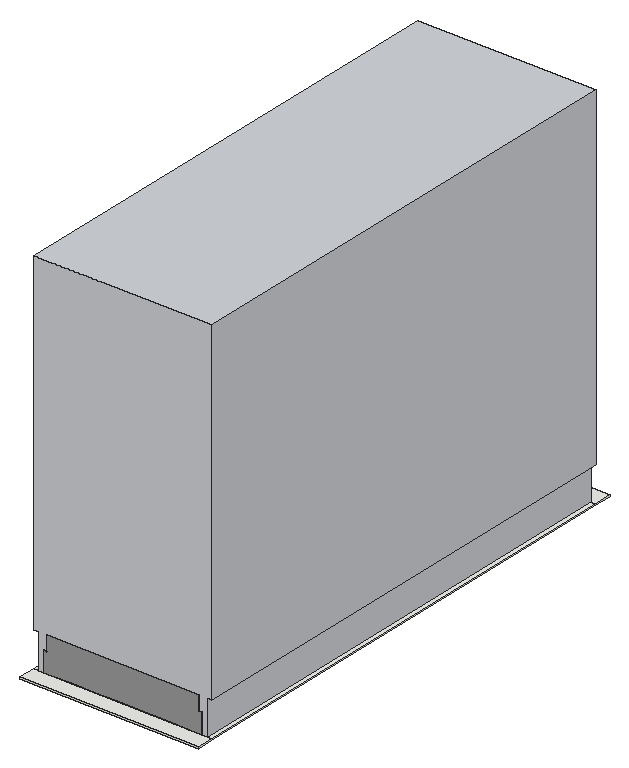
Revit family "MADEL_DIFFUSER_SECTORED LINEAR SLOT_LSD+PLSD (1.D1)_0", category Air Terminals, Revit 2015
Parameters (values of type "LSD-200-PLSD-(4 Slots)-500")
  n_factor = 32.531  # constant formula
  m_factor = 1.9804
  c_factor = -4.9125  # constant formula
  b_factor = 0.38451
  Vmin = 2.5 m/s  # constant formula
  Vmed = (Vmax + Vmin) / 2  # 3.25 m/s
  Vmax = if(or(Nº Slots = 1, Nº Slots = 2), 4.5 m/s, if(Nº Slots = 3, 4.0 m/s, if(Nº Slots = 4, 4.0 m/s, 0.0 m/s)))  # 4.0 m/s
  V[m/s] [instance] = Q / Afree / 1.0 m/s  # 3.25
  V6 [instance] = if(AR, 1 = 1, if(ARI, 1 = 1, 1 = 0))  # yes
  V5 [instance] = if(AR, 1 = 1, if(ARD, 1 = 1, 1 = 0))  # yes
  V4 = if(Nº Slots = 1, 1 = 1, 1 = 0)  # no
  V3 = if(Nº Slots = 2, 1 = 1, if(Nº Slots = 3, 1 = 1, if(Nº Slots = 4, 1 = 1, 1 = 0)))  # yes
  V2 = if(Nº Slots = 2, 1 = 0, if(Nº Slots = 3, 1 = 1, if(Nº Slots = 4, 1 = 1, 1 = 0)))  # yes
  V1 = if(Nº Slots = 2, 1 = 1, 1 = 0)  # no
  URL = "http://www.madel.com/en/producto/lsd-sectored-linear-slot-diffusers/"
  Standard = "UNE 23-727 M2/ NFP 92-501 M2/ DIN 4102 M2"  # constant formula
  Revit Version = "Revit 2015 - English"  # constant formula
  Review Date = "11/2016"  # constant formula
  RAL [instance] = " "
  R9010 [instance] = no
  R [instance] = yes
  Q_Connector [instance] = Q / 1  # 100.62 m³/h
  Q [instance] = 100.62 m³/h
  Product Type [instance] = Model  # "LSD-200-PLSD-(4 Slots)-500"
  Product Size = "4x500"
  Product Reference [instance] = if(R, if(AIS, if(Nº Options = 4, if([(D)], if(AR, "LSD-200-AR+PLSD-AIS-R (D)", if(ARD, "LSD-200-ARD+PLSD-AIS-R (D)", if(INT, "LSD-200-INT+PLSD-AIS-R (D)", if(ARI, "LSD-200-ARI+PLSD-AIS-R (D)", "Consult Manufacturer")))), if([(PL)], if(AR, "LSD-200-AR+PLSD-AIS-R (PML)", if(ARD, "LSD-200-ARD+PLSD-AIS-R (PML)", if(INT, "LSD-200-INT+PLSD-AIS-R (PML)", if(ARI, "LSD-200-ARI+PLSD-AIS-R (PML)", "Consult Manufacturer")))), "Consult Manufacturer")), if(Nº Options = 3, if(AR, "LSD-200-AR+PLSD-AIS-R", if(ARD, "LSD-200-ARD+PLSD-AIS-R", if(INT, "LSD-200-INT+PLSD-AIS-R", if(ARI, "LSD-200-ARI+PLSD-AIS-R", "Consult Manufacturer")))), if(Nº Options = 2, "LSD-200+PLSD-AIS-R", "Consult Manufacturer"))), if(Nº Options = 3, if([(D)], if(AR, "LSD-200-AR+PLSD-R (D)", if(ARD, "LSD-200-ARD+PLSD-R (D)", if(INT, "LSD-200-INT+PLSD-R (D)", if(ARI, "LSD-200-ARI+PLSD-R (D)", "Consult Manufacturer")))), if([(PL)], if(AR, "LSD-200-AR+PLSD-R (PML)", if(ARD, "LSD-200-ARD+PLSD-R (PML)", if(INT, "LSD-200-INT+PLSD-R (PML)", if(ARI, "LSD-200-ARI+PLSD-R (PML)", "Consult Manufacturer")))), "Consult Manufacturer")), if(Nº Options = 2, if(AR, "LSD-200-AR+PLSD-R", if(ARD, "LSD-200-ARD+PLSD-R", if(INT, "LSD-200-INT+PLSD-R", if(ARI, "LSD-200-ARI+PLSD-R", "Consult Manufacturer")))), if(Nº Options = 1, "LSD-200+PLSD-R", "Consult Manufacturer")))), if(AIS, if(Nº Options = 3, if([(D)], if(AR, "LSD-200-AR+PLSD-AIS (D)", if(ARD, "LSD-200-ARD+PLSD-AIS (D)", if(INT, "LSD-200-INT+PLSD-AIS (D)", if(ARI, "LSD-200-ARI+PLSD-AIS (D)", "Consult Manufacturer")))), if([(PL)], if(AR, "LSD-200-AR+PLSD-AIS (PML)", if(ARD, "LSD-200-ARD+PLSD-AIS (PML)", if(INT, "LSD-200-INT+PLSD-AIS (PML)", if(ARI, "LSD-200-ARI+PLSD-AIS (PML)", "Consult Manufacturer")))), "Consult Manufacturer")), if(Nº Options = 2, if(AR, "LSD-200-AR+PLSD-AIS", if(ARD, "LSD-200-ARD+PLSD-AIS", if(INT, "LSD-200-INT+PLSD-AIS", if(ARI, "LSD-200-ARI+PLSD-AIS", "Consult Manufacturer")))), if(Nº Options = 1, "LSD-200+PLSD-AIS", "Consult Manufacturer"))), if(Nº Options = 2, if([(D)], if(AR, "LSD-200-AR+PLSD (D)", if(ARD, "LSD-200-ARD+PLSD (D)", if(INT, "LSD-200-INT+PLSD (D)", if(ARI, "LSD-200-ARI+PLSD (D)", "Consult Manufacturer")))), if([(PL)], if(AR, "LSD-200-AR+PLSD (PML)", if(ARD, "LSD-200-ARD+PLSD (PML)", if(INT, "LSD-200-INT+PLSD (PML)", if(ARI, "LSD-200-ARI+PLSD (PML)", "Consult Manufacturer")))), "Consult Manufacturer")), if(Nº Options = 1, if(AR, "LSD-200-AR+PLSD", if(ARD, "LSD-200-ARD+PLSD", if(INT, "LSD-200-INT+PLSD", if(ARI, "LSD-200-ARI+PLSD", "Consult Manufacturer")))), if(Nº Options = 0, "LSD-200+PLSD", "Consult Manufacturer")))))  # "LSD-200-AR+PLSD-AIS-R"
  Plenum Connection Type = "Lateral"  # constant formula
  PLSD [instance] = 1 = 1  # yes
  Nº Slots = if(A = 55.0 mm, 1, if(A = 95.0 mm, 2, if(A = 134.0 mm, 3, if(A = 173.0 mm, 4, 0))))  # 4
  Nº Plenum Connections = 1  # constant formula
  Nº Options [instance] = if(AIS, 1, 0) + if(R, 1, 0) + if(AR, 1, 0) + if(ARD, 1, 0) + if(INT, 1, 0) + if(ARI, 1, 0) + if([(D)], 1, 0) + if([(PL)], 1, 0)  # 3
  Nº Finishes [instance] = if(AA, 1, 0) + if(R9010, 1, 0) + if(M9016, 1, 0) + if(AB, 1, 0)  # 1
  N_Slots = if(A = 95.0 mm, 2, if(A = 134.0 mm, 3, if(A = 173.0 mm, 4, 2)))  # 4
  N_Graphic lines = if(Nº Slots = 1, 2, if(Nº Slots = 2, 4, if(Nº Slots = 3, 6, if(Nº Slots = 4, 8, 2))))  # 8
  N_E = if(Nº Slots > 2, Nº Slots - 1, 2)  # 3
  Model = "LSD-200-PLSD-(4 Slots)-500"
  Material and finishes [instance] = if(and(AA, Nº Finishes = 1), "AA", if(and(R9010, Nº Finishes = 1), "R9010", if(and(M9016, Nº Finishes = 1), "M9016", if(and(R9010, AB, Nº Finishes = 2), "R9010/AB/", if(and(AA, AB, Nº Finishes = 2), "AA/AB/", if(and(AB, M9016, Nº Finishes = 2), "M9016/AB/", if(Nº Finishes = 0, "Custom RAL", "Consult Manufacturer")))))))  # "M9016"
  Material Plenum Box = none
  Material Difusser = MADEL_M9016
  Material Blades = MADEL_PVC Negro Aletas
  M9016 [instance] = yes
  Lw (dB(A)) [instance] = n_factor * (log([V[m/s]]) / log(2.7183)) + c_factor  # 33.4303
  L2 = L / 2 * -1  # -250.0 mm
  L1 = L / 2  # 250.0 mm
  L = 500.0 mm
  Type Image = <None>
  IfcExportType = "IfcAirTerminalType"  # constant formula
  IfcExportAs = "IfcAirTerminalType"  # constant formula
  INT [instance] = no
  G_material = 1.2 mm
  G1 = 20.9 mm
  G = 36.0 mm
  Min Flow = Vmin * Afree  # 77.4 m³/h
  Max Flow = Vmax * Afree  # 123.84 m³/h
  Manufacturer = "MADEL"  # constant formula
  Family Version = "1.0"  # constant formula
  E = 185.9 mm
  Description = "MADEL_Sectored linear slot diffusers"  # constant formula
  D_Connector = 200.0 mm
  DPt [instance] = (10 ^ (log([V[m/s]]) * m_factor + b_factor)) * 1.0 Pa  # 25.0185 Pa
  D1 = D_Connector - 2.0 mm  # 198.0 mm
  Type Comments = "The LSD series linear diffusers are designed to combine the aesthetics with the technical performance. They can be mounted in false ceilings or suspended from the ceiling. They allow the formation of diffuser continuous lines, with active and inactive areas, without breaking the uniformity of the whole. They are suitable both for supply and return. By adjusting their blades, sectored each 100mm, it is possible to obtain a horizontal distribution of the air in one or the other direction or its vertical projection without change the volume of air. The LSD diffusers admit a flow variation of 60% keeping the air stream stable. These diffusers can be used from 2,6 up to 4 metres high and at a temperature differential up to 12ºC."  # constant formula
  Created by = "BIMETRICAL"  # constant formula
  C = 158.7 mm
  BIMETRICAL Category = "AirTerminal"  # constant formula
  BIMETRICAL = "http://www.bimetrical.com"  # constant formula
  B = 164.9 mm
  Afree_factor = 0.0172 m²
  Afree = Afree_factor * L / 1000.0 mm  # 0.0086 m²
  ARI [instance] = no
  ARD [instance] = no
  AR [instance] = if(or(ARD, INT, ARI), 1 = 0, 1 = 1)  # yes
  AIS [instance] = yes
  AB [instance] = no
  AA [instance] = no
  A = 173.0 mm
  (PL) [instance] = no
  (D) [instance] = no
Types (9, lengths in mm): name | m_factor | b_factor | Vmed | Vmax | V[m/s] | V4 | V3 | V2 | V1 | Q_Connector | Q | Product Type | Product Size | Nº Slots | N_Slots | N_Graphic lines | N_E | Model | Lw (dB(A)) | L2 | L1 | L | Min Flow | Max Flow | E | D_Connector | DPt | D1 | C | B | Afree_factor | Afree | A
  LSD-200-PLSD-(2 Slots)-500 | 1.9813 | 0.20586 | 3.5 m/s | 4.5 m/s | 3.5 | no | yes | no | yes | 109.62 m³/h | 109.62 m³/h | "LSD-200-PLSD-(2 Slots)-500" | "2x500" | 2 | 2 | 4 | 2 | "LSD-200-PLSD-(2 Slots)-500" | 35.8411 | -250.0 | 250.0 | 500.0 | 78.3 m³/h | 140.94 m³/h | 107.3 | 160.0 | 19.2242 Pa | 158.0 | 79.9 | 86.1 | 0.0174 m² | 0.0087 m² | 95.0
  LSD-200-PLSD-(3 Slots)-500 | 1.9783 | 0.28315 | 3.25 m/s | 4.0 m/s | 3.25 | no | yes | yes | no | 152.685 m³/h | 152.685 m³/h | "LSD-200-PLSD-(3 Slots)-500" | "3x500" | 3 | 3 | 6 | 2 | "LSD-200-PLSD-(3 Slots)-500" | 33.4303 | -250.0 | 250.0 | 500.0 | 117.45 m³/h | 187.92 m³/h | 146.6 | 200.0 | 19.7617 Pa | 198.0 | 119.3 | 125.5 | 0.0261 m² | 0.01305 m² | 134.0
  LSD-200-PLSD-(4 Slots)-500 | 1.9804 | 0.38451 | 3.25 m/s | 4.0 m/s | 3.25 | no | yes | yes | no | 100.62 m³/h | 100.62 m³/h | "LSD-200-PLSD-(4 Slots)-500" | "4x500" | 4 | 4 | 8 | 3 | "LSD-200-PLSD-(4 Slots)-500" | 33.4303 | -250.0 | 250.0 | 500.0 | 77.4 m³/h | 123.84 m³/h | 185.9 | 200.0 | 25.0185 Pa | 198.0 | 158.7 | 164.9 | 0.0172 m² | 0.0086 m² | 173.0
  LSD-200-PLSD-(2 Slots)-1000 | 1.9813 | 0.20586 | 3.5 m/s | 4.5 m/s | 3.5 | no | yes | no | yes | 219.24 m³/h | 219.24 m³/h | "LSD-200-PLSD-(2 Slots)-1000" | "2x1000" | 2 | 2 | 4 | 2 | "LSD-200-PLSD-(2 Slots)-1000" | 35.8411 | -500.0 | 500.0 | 1000.0 | 156.6 m³/h | 281.88 m³/h | 107.3 | 160.0 | 19.2242 Pa | 158.0 | 79.9 | 86.1 | 0.0174 m² | 0.0174 m² | 95.0
  LSD-200-PLSD-(3 Slots)-1000 | 1.9783 | 0.28315 | 3.25 m/s | 4.0 m/s | 3.25 | no | yes | yes | no | 305.37 m³/h | 305.37 m³/h | "LSD-200-PLSD-(3 Slots)-1000" | "3x1000" | 3 | 3 | 6 | 2 | "LSD-200-PLSD-(3 Slots)-1000" | 33.4303 | -500.0 | 500.0 | 1000.0 | 234.9 m³/h | 375.84 m³/h | 146.6 | 200.0 | 19.7617 Pa | 198.0 | 119.3 | 125.5 | 0.0261 m² | 0.0261 m² | 134.0
  LSD-200-PLSD-(4 Slots)-1000 | 1.9804 | 0.38451 | 3.25 m/s | 4.0 m/s | 3.25 | no | yes | yes | no | 608.4 m³/h | 608.4 m³/h | "LSD-200-PLSD-(4 Slots)-1000" | "4x1000" | 4 | 4 | 8 | 3 | "LSD-200-PLSD-(4 Slots)-1000" | 33.4303 | -500.0 | 500.0 | 1000.0 | 468 m³/h | 748.8 m³/h | 185.9 | 200.0 | 25.0185 Pa | 198.0 | 158.7 | 164.9 | 0.0520 m² | 0.0520 m² | 173.0
  LSD-200-PLSD-(1 Slot)-500 | 1.9847 | 0.10613 | 3.5 m/s | 4.5 m/s | 3.5 | yes | no | no | no | 54.81 m³/h | 54.81 m³/h | "LSD-200-PLSD-(1 Slot)-500" | "1x500" | 1 | 2 | 2 | 2 | "LSD-200-PLSD-(1 Slot)-500" | 35.8411 | -250.0 | 250.0 | 500.0 | 39.15 m³/h | 70.47 m³/h | 68.0 | 160.0 | 15.3439 Pa | 158.0 | 40.5 | 46.7 | 0.0087 m² | 0.00435 m² | 55.0
  LSD-200-PLSD-(1 Slot)-1000 | 1.9847 | 0.10613 | 3.5 m/s | 4.5 m/s | 3.5 | yes | no | no | no | 109.62 m³/h | 109.62 m³/h | "LSD-200-PLSD-(1 Slot)-1000" | "1x1000" | 1 | 2 | 2 | 2 | "LSD-200-PLSD-(1 Slot)-1000" | 35.8411 | -500.0 | 500.0 | 1000.0 | 78.3 m³/h | 140.94 m³/h | 68.0 | 160.0 | 15.3439 Pa | 158.0 | 40.5 | 46.7 | 0.0087 m² | 0.0087 m² | 55.0
  LSD-200-PLSD-(1 Slot)-1500 | 1.9847 | 0.10613 | 3.5 m/s | 4.5 m/s | 3.5 | yes | no | no | no | 164.43 m³/h | 164.43 m³/h | "LSD-200-PLSD-(1 Slot)-1500" | "1x1500" | 1 | 2 | 2 | 2 | "LSD-200-PLSD-(1 Slot)-1500" | 35.8411 | -750.0 | 750.0 | 1500.0 | 117.45 m³/h | 211.41 m³/h | 68.0 | 160.0 | 15.3439 Pa | 158.0 | 40.5 | 46.7 | 0.0087 m² | 0.01305 m² | 55.0
Reference planes
  plane 1 "Centro (Frontal/Posterior)": z = -1.2
  plane 2: y = 245
  plane 3 "Centro (Izquierda/Derecha)": x = 0
  plane 4: z = 0
  plane 5: x = -68.95
  plane 6: x = -82.45
  plane 7: x = 82.45
  plane 8: z = 20.9
  plane 9: z = 36
  plane 10: y = -5
  plane 11: y = 495
  plane 12: x = -92.95
  plane 13: x = 92.95
  plane 14: x = -79.35
  plane 15: x = 79.35
  plane 16: x = -86.5
  plane 17: x = 86.5
  plane 18: x = -29.65
  plane 19: x = 68.95
  plane 20: x = -48.95
  plane 21: x = -9.65
Forms (mm)
  Extrusion 1, solid, material "MADEL_M9016" <- "Material Difusser"
    sketch origin (0, 995, 5) x (1, 0, 0) y (0, 0, 1)
      loop
        line (-92.95, -6.2) -> (-68.95, -6.2) -> (-68.95, -5) -> (68.95, -5) -> (68.95, -6.2) -> (92.95, -6.2) -> (92.95, -5) -> (82.45, -5) -> (82.45, 15.9) -> (79.35, 15.9) -> (79.35, 31) -> (-79.35, 31) -> (-79.35, 15.9) -> (-82.45, 15.9) -> (-82.45, -5) -> (-92.95, -5) -> (-92.95, -6.2)
    from 500 to 1000
  Extrusion 2, solid, material "MADEL_PVC Negro Aletas" <- "Material Blades", visible <- "V3"
    sketch origin (-19.65, 245, 4.9) x (1, 0, 0) y (0, 0, 1)
      loop
        line (-49.3, -4.9) -> (-49.3, -6.1) -> (-29.3, -6.1) -> (-29.3, -4.9) -> (-49.3, -4.9)
    from -250 <- "L2" to 250 <- "L1"
  Extrusion 3, solid, material "MADEL_PVC Negro Aletas" <- "Material Blades", visible <- "V3"
    sketch origin (19.65, 245, 4.9) x (1, 0, 0) y (0, 0, 1)
      loop
        line (-49.3, -4.9) -> (-49.3, -6.1) -> (-29.3, -6.1) -> (-29.3, -4.9) -> (-49.3, -4.9)
    from -250 <- "L2" to 250 <- "L1"
  Extrusion 4, solid, material "MADEL_M9016" <- "Material Difusser", visible <- "V1"
    sketch origin (0, 245, 5) x (1, 0, 0) y (0, 0, 1)
      loop
        line (-48.95, -5) -> (-48.95, -6.2) -> (-29.65, -6.2) -> (-29.65, -5) -> (-48.95, -5)
    from -250 <- "L2" to 250 <- "L1"
  Extrusion 5, solid, material "MADEL_M9016" <- "Material Difusser", visible <- "V2"
    sketch origin (-10.34, 245, -1.623) x (1, 0, 0) y (0, 0, 1)
      loop
        line (-38.61, 1.623) -> (-38.61, 0.423) -> (-19.31, 0.423) -> (-19.31, 1.623) -> (-38.61, 1.623)
    from -250 <- "L2" to 250 <- "L1"
  Extrusion 6, solid, material "MADEL_M9016" <- "Material Difusser", visible <- "V2"
    sketch origin (28.96, 245, -1.623) x (1, 0, 0) y (0, 0, 1)
      loop
        line (-38.61, 1.623) -> (-38.61, 0.423) -> (-19.31, 0.423) -> (-19.31, 1.623) -> (-38.61, 1.623)
    from -250 <- "L2" to 250 <- "L1"
  Extrusion 7, solid, not visible
    sketch origin (0, 0, -1.2) x (0, -1, 0) y (1, 0, 0)
      loop
        circle (-245, 0) r 2.821
    from 0.922 to 1.2
  Extrusion 8, solid, material "MADEL_PVC Negro Aletas" <- "Material Blades", visible <- "V4"
    sketch origin (0, 245, 5) x (1, 0, 0) y (0, 0, 1)
      loop
        line (-68.95, -6.2) -> (-48.95, -6.2) -> (-48.95, -5) -> (-68.95, -5) -> (-68.95, -6.2)
    from -250 to 250
  Extrusion 9, solid, material "MADEL_M9016" <- "Material Difusser", visible <- "V5"
    sketch origin (0, 0, 0) x (1, 0, 0) y (0, 1, 0)
      loop
        line (-92.95, -5) -> (-92.95, -23) -> (92.95, -23) -> (92.95, -5) -> (-92.95, -5)
    from -1.2 to 0
  Extrusion 10, solid, material "MADEL_M9016" <- "Material Difusser", visible <- "V6"
    sketch origin (0, 1045, 0) x (1, 0, 0) y (0, 1, 0)
      loop
        line (-92.95, -532) -> (-92.95, -550) -> (92.95, -550) -> (92.95, -532) -> (-92.95, -532)
    from -1.2 to 0
  Extrusion 11, solid, material "MADEL_PVC Negro Aletas" <- "Material Blades", visible <- "V3"
    sketch origin (58.95, 245, 4.9) x (1, 0, 0) y (0, 0, 1)
      loop
        line (-49.3, -4.9) -> (-49.3, -6.1) -> (-29.3, -6.1) -> (-29.3, -4.9) -> (-49.3, -4.9)
    from -250 <- "L2" to 250 <- "L1"
  Extrusion 12, solid, material "MADEL_PVC Negro Aletas" <- "Material Blades", visible <- "V3"
    sketch origin (98.25, 245, 4.9) x (1, 0, 0) y (0, 0, 1)
      loop
        line (-49.3, -4.9) -> (-49.3, -6.1) -> (-29.3, -6.1) -> (-29.3, -4.9) -> (-49.3, -4.9)
    from -250 <- "L2" to 250 <- "L1"
  Extrusion 13, solid, material "MADEL_M9016" <- "Material Difusser", visible <- "V2"
    sketch origin (68.26, 245, -1.623) x (1, 0, 0) y (0, 0, 1)
      loop
        line (-38.61, 1.623) -> (-38.61, 0.423) -> (-19.31, 0.423) -> (-19.31, 1.623) -> (-38.61, 1.623)
    from -250 <- "L2" to 250 <- "L1"
Lines and regions (mm)
  symbolic lines, visible <- "V6"
    curve 1: line (-92.95, 495, -1.2) -> (-92.95, 513, -1.2)
    curve 3: line (92.95, 513, -1.2) -> (92.95, 495, -1.2)
    curve 10: line (92.95, 513, 0) -> (-92.95, 513, 0)
  symbolic lines
    curve 2: line (92.95, 495, -1.2) -> (-92.95, 495, -1.2)
    curve 4: line (-92.95, -5, -1.2) -> (92.95, -5, -1.2)
    curve 8: line (-92.95, -5, -1.2) -> (-92.95, 495, -1.2)
    curve 9: line (92.95, 495, -1.2) -> (92.95, -5, -1.2)
  symbolic lines, visible <- "V5"
    curve 5: line (-92.95, -23, -1.2) -> (-92.95, -5, -1.2)
    curve 6: line (92.95, -23, -1.2) -> (-92.95, -23, -1.2)
    curve 7: line (92.95, -5, -1.2) -> (92.95, -23, -1.2)
Dimensions and locks
  "G": plane 9 to level
  "G1": plane 8 to plane 4
  equal spacing: plane 10, plane 2, plane 11
  equal spacing: plane 7, plane 3 "Centro (Izquierda/Derecha)", plane 6
  equal spacing: plane 13, plane 3 "Centro (Izquierda/Derecha)", plane 12
  "B": plane 7 to plane 6
  "E": plane 13 to plane 12
  equal spacing: plane 15, plane 3 "Centro (Izquierda/Derecha)", plane 14
  equal spacing: plane 17, plane 3 "Centro (Izquierda/Derecha)", plane 16
  "A": plane 17 to plane 16
  locked: plane 5 to plane 12 at 24
  locked: plane 18 to plane 5 at 39.3
  "L": plane 10 to plane 11
  equal spacing: group 1, group 2, group 10, group 13  (x3)
  locked: plane 19 to plane 13 at 24
  locked: plane 20 to plane 5 at 20
  locked: Extrusion 5 sketch curve to Extrusion 5 sketch curve at 19.3
  locked: Extrusion 5 sketch curve to Extrusion 5 sketch curve at 1.2
  locked: plane 21 to plane 20 at 39.3
  locked: Extrusion 6 sketch curve to Extrusion 6 sketch curve at 19.3
  locked: Extrusion 6 sketch curve to Extrusion 6 sketch curve at 1.2
  equal spacing: group 3, group 4, group 14  (x3)
  "C": plane 15 to plane 14
  locked: Extrusion 9 sketch curve to Extrusion 9 sketch curve at 18
  locked: Extrusion 10 sketch curve to Extrusion 10 sketch curve at 18
  locked: plane 12 to nested 1 at 24
  equal spacing: group 6, group 8, group 9, group 11, group 12, group 15, group 16, group 7  (x3)
  locked: nested 3 to plane 13 at 24
  locked: Extrusion 13 sketch curve to Extrusion 13 sketch curve at 19.3
  locked: Extrusion 13 sketch curve to Extrusion 13 sketch curve at 1.2
  aligned and locked: Extrusion 1 to plane 10
  aligned and locked: plane 11 to Extrusion 1
  aligned and locked: plane 4 to Extrusion 1
  aligned and locked: Extrusion 1 to plane 14
  aligned and locked: plane 15 to Extrusion 1
  aligned and locked: Extrusion 1 to plane 13
  aligned and locked: Extrusion 1 to plane 12
  aligned and locked: Extrusion 2 to plane 5
  aligned and locked: Extrusion 3 to plane 18
  aligned and locked: Extrusion 4 sketch curve to plane 18
  aligned and locked: plane 20 to Extrusion 4 sketch curve
  aligned and locked: Extrusion 5 to plane 20
  aligned and locked: Extrusion 5 to Extrusion 4
  aligned and locked: Extrusion 4 to plane 20
  aligned and locked: Extrusion 6 to plane 21
  aligned and locked: plane 2 to Extrusion 7 sketch curve
  aligned and locked: plane 3 "Centro (Izquierda/Derecha)" to Extrusion 7 sketch curve
  aligned and locked: Extrusion 8 to plane 10
  aligned and locked: plane 11 to Extrusion 8
  aligned and locked: plane 20 to Extrusion 8 sketch curve
  aligned and locked: plane 4 to Extrusion 8 sketch curve
  aligned and locked: Extrusion 8 sketch curve to plane 5
  aligned and locked: plane 1 "Centro (Frontal/Posterior)" to Extrusion 8 sketch curve
  aligned and locked: plane 13 to Extrusion 9 sketch curve
  aligned and locked: plane 12 to Extrusion 9 sketch curve
  aligned and locked: plane 10 to Extrusion 9
  aligned and locked: Extrusion 10 to plane 11
  aligned and locked: plane 11 to nested 1
  aligned and locked: plane 11 to nested 3
  aligned and locked: plane 3 "Centro (Izquierda/Derecha)" to nested 4
  aligned and locked: plane 2 to nested 4
Automatic sketch dimensions
  Extrusion 2 sketch curve to Extrusion 2 sketch curve = 20.0 mm
  Extrusion 2 sketch curve to Extrusion 2 sketch curve = 1.2 mm
  Extrusion 3 sketch curve to Extrusion 3 sketch curve = 20.0 mm
  Extrusion 3 sketch curve to Extrusion 3 sketch curve = 1.2 mm
  Extrusion 1 sketch curve to level = 0.0 mm  (x3)
  Extrusion 1 sketch curve to plane 12 = 0.0 mm
  Extrusion 1 sketch curve to plane 6 = 0.0 mm
  Extrusion 1 sketch curve to plane 9 = 0.0 mm
  Extrusion 1 sketch curve to plane 14 = 0.0 mm
  Extrusion 1 sketch curve to plane 1 "Centro (Frontal/Posterior)" = 0.0 mm  (x2)
  Extrusion 1 sketch curve to plane 5 = 0.0 mm
  plane 19 to Extrusion 1 sketch curve = 0.0 mm
  Extrusion 1 sketch curve to plane 8 = 0.0 mm  (x2)
  Extrusion 1 sketch curve to plane 15 = 0.0 mm
  Extrusion 1 sketch curve to plane 7 = 0.0 mm
  plane 13 to Extrusion 1 sketch curve = 0.0 mm
  Extrusion 4 sketch curve to plane 1 "Centro (Frontal/Posterior)" = 0.0 mm
  Extrusion 4 sketch curve to level = 0.0 mm
  Extrusion 9 sketch curve to plane 10 = 18.0 mm
  Extrusion 10 sketch curve to plane 12 = 0.0 mm
  Extrusion 10 sketch curve to plane 13 = 0.0 mm
  plane 11 to Extrusion 10 sketch curve = 0.0 mm
  curve 1 to plane 12 = 0.0 mm
  curve 2 to plane 11 = 0.0 mm
  curve 4 to curve 6 = 18.0 mm
  curve 5 to plane 10 = 0.0 mm
  curve 3 to plane 13 = 0.0 mm
  plane 11 to curve 3 = 18.0 mm
  plane 11 to curve 1 = 18.0 mm
  curve 10 to plane 12 = 0.0 mm
  curve 10 to plane 13 = 0.0 mm
  plane 11 to curve 10 = 18.0 mm
  Extrusion 11 sketch curve to Extrusion 11 sketch curve = 20.0 mm
  Extrusion 11 sketch curve to Extrusion 11 sketch curve = 1.2 mm
  Extrusion 12 sketch curve to Extrusion 12 sketch curve = 20.0 mm
  Extrusion 12 sketch curve to Extrusion 12 sketch curve = 1.2 mm
  radius of Extrusion 7 sketch curve = 2.821 mm
Nested families
  nested 1: "Grafismo Rejilla" at (-68.95, 245, 0) x (0, 1, 0) z (0, 0, 1), LL <- "L", type "Linea"
    with LL 500.0 mm
  nested 2: "Grafismo Rejilla" at (-203.732, -36.541, 0) x (0, 1, 0) z (0, 0, 1), type "Linea", not visible
    with LL 50000.0 mm
  nested 3: "Grafismo Rejilla" at (68.95, 245, 0) x (0, 1, 0) z (0, 0, 1), LL <- "L", type "Linea"
    with LL 500.0 mm
  nested 4: "Plenum_PLSD (1.D1)" at (0, 245, 0), type "Plenum_PLSD (1.D1)"
    with L1 92.95 mm, H2 110.0 mm, H 350.0 mm, E2 175.9 mm, E 185.9 mm, D_Conector 200.0 mm, B 500.0 mm
  nested 5: "Grafismo Rejilla" at (-49.25, 245, 0) x (0, 1, 0) z (0, 0, 1), LL <- "L", type "Linea"
    with LL 500.0 mm
  nested 6: "Grafismo Rejilla" at (-29.55, 245, 0) x (0, 1, 0) z (0, 0, 1), LL <- "L", type "Linea"
    with LL 500.0 mm
  nested 7: "Grafismo Rejilla" at (-9.85, 245, 0) x (0, 1, 0) z (0, 0, 1), LL <- "L", type "Linea"
    with LL 500.0 mm
  nested 8: "Grafismo Rejilla" at (9.85, 245, 0) x (0, 1, 0) z (0, 0, 1), LL <- "L", type "Linea"
    with LL 500.0 mm
  nested 9: "Grafismo Rejilla" at (29.55, 245, 0) x (0, 1, 0) z (0, 0, 1), LL <- "L", type "Linea"
    with LL 500.0 mm
  nested 10: "Grafismo Rejilla" at (49.25, 245, 0) x (0, 1, 0) z (0, 0, 1), LL <- "L", type "Linea"
    with LL 500.0 mm
Connectors
  hvac at (-92.95, 245, 276), driven by "DPt", driven by "Q_Connector", driven by "D_Connector"
    settings: on nested 4, index 2, duct flow 100.62 m³/h, flow factor 0, pres drop 25.0185 Pa, loss coef 0, conn angle 0.00°, conn width 304.8 mm, conn height 304.8 mm, conn diameter 200 mm, duct sys type 1, conn prof type 0, flow config 1, flow direction 1, loss method 4, conn ref index -1, conn util no, is conn primary yes, conn desc ""
Definition of nested family "Plenum_PLSD (1.D1)"
  Parameters (values of type "Plenum_PLSD (1.D1)")
    URL = "http://www.madel.com/producto/plrx-plenum-con-conexion-circular-para-rejillas/"
    PLSD = yes
    Nº Conexiones = 1  # constant formula
    Model = "PLSD"  # constant formula
    Material Plenum = none
    L1 [instance] = E / 2  # 37.5 mm
    IfcExportType = "IfcAirTerminalBoxType"  # constant formula
    IfcExportAs = "IfcAirTerminalBoxType"  # constant formula
    H2 = (10.0 mm + (D_Conector / 2))  # 40.5 mm
    H = (140.0 mm + D_Conector + 10.0 mm)  # 211.0 mm
    Manufacturer = "MADEL"  # constant formula
    E2 = E - 10.0 mm  # 65.0 mm
    E = 75.0 mm
    Description = "Plenum de conexión lateral"  # constant formula
    D_Conector = 61.0 mm
    Type Comments = "Plenum con conexión circular para difusor LSD. Construido en acero galvanizado."  # constant formula
    B = 200.0 mm
    An = 180.00°  # constant formula
  Reference planes
    plane 1 "Centro (Frontal/Posterior)": y = 0
    plane 2: z = 0
    plane 3 "Centro (Izquierda/Derecha)": x = 0
    plane 4: z = 247
    plane 5: y = 100
    plane 6: y = -100
    plane 7: x = 37.5
    plane 8: x = -37.5
    plane 9: z = 242
    plane 10: z = 206.5
    plane 11: z = 36
    plane 12: x = -32.5
    plane 13: x = 32.5
  Forms (mm)
    Extrusion 1, solid, material <- "Material Plenum"
      sketch origin (-37.5, 0, 206.5) x (0, -1, 0) y (0, 0, 1)
        loop
          circle (0, 0) r 30.5
      from 0 to -5
    Extrusion 2, solid, material <- "Material Plenum"
      sketch origin (0, 0, 0) x (1, 0, 0) y (0, 0, 1)
        loop
          line (-37.5, 247) -> (-37.5, 36) -> (-32.5, 36) -> (-32.5, 0) -> (32.5, 0) -> (32.5, 36) -> (37.5, 36) -> (37.5, 247) -> (-37.5, 247)
      from -100 to 100
  Lines and regions (mm)
    reference lines
      curve 1: line (0, 0, 206.5) -> (-37.5, 0, 206.5)
  Dimensions and locks
    equal spacing: plane 8, plane 3 "Centro (Izquierda/Derecha)", plane 7
    "E": plane 8 to plane 7
    equal spacing: plane 6, plane 1 "Centro (Frontal/Posterior)", plane 5
    "B": plane 6 to plane 5
    "H": plane 4 to plane 11
    plane 4 to plane 9 = 5.0 mm
    "L1": curve 1 to curve 1
    "H2": plane 4 to plane 10
    locked: plane 11 to plane 2 at 36
    equal spacing: plane 12, plane 3 "Centro (Izquierda/Derecha)", plane 13
    "E2": plane 12 to plane 13
    "D_Conector": diameter of Extrusion 1 sketch curve
    "An": angle plane 10 to curve 1
    aligned and locked: level to plane 2
    aligned and locked: plane 3 "Centro (Izquierda/Derecha)" to curve 1
    aligned and locked: plane 10 to curve 1
    aligned and locked: plane 2 to Extrusion 2 sketch curve
    aligned and locked: Extrusion 2 sketch curve to plane 13
    aligned and locked: Extrusion 2 sketch curve to plane 12
    aligned and locked: plane 11 to Extrusion 2 sketch curve  (x2)
    aligned and locked: Extrusion 2 sketch curve to plane 7
    aligned and locked: Extrusion 2 sketch curve to plane 8
    aligned and locked: plane 5 to Extrusion 2
    aligned and locked: plane 6 to Extrusion 2
  Automatic sketch dimensions
    Extrusion 2 sketch curve to plane 4 = 0.0 mm
    Extrusion 1 sketch curve to plane 1 "Centro (Frontal/Posterior)" = 0.0 mm
    Extrusion 1 sketch curve to plane 10 = 0.0 mm
Definition of nested family "Grafismo Rejilla"
  Parameters (values of type "Linea")
    LL [instance] = 1500.0 mm
  Reference planes
    plane 1 "Centro (Frontal/Posterior)": y = 0
    plane 2: z = 0
    plane 3 "Centro (Izquierda/Derecha)": x = 0
  Lines and regions (mm)
    symbolic lines
      curve 1: line (-750, 0, 0) -> (750, 0, 0)
  Dimensions and locks
    "LL": curve 1 to curve 1
    equal spacing: curve 1, plane 3 "Centro (Izquierda/Derecha)", curve 1
    aligned and locked: level to plane 2
  Automatic sketch dimensions
    plane 1 "Centro (Frontal/Posterior)" to curve 1 = 0.0 mm
